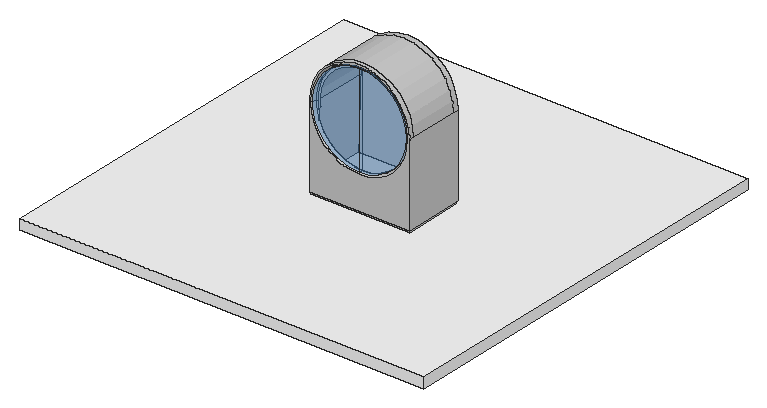
Revit family "BE_33223_de_DE", category Leuchten, Revit 2015
Parameters (values of type "BEGA_33223_Silber_K3")
  built-in parameter 1150104 = 10.839 (stored number, unit not read)
  Wattage = 4.2 W
  Default Elevation = 0 mm
  built-in parameter 1150113 = 1 (stored number, unit not read)
  built-in parameter 1114218 = 1 (stored number, unit not read)
  Umgebungstemperatur = ""
  URL = "http://www.bega.de/produkt/33223"
  Typenkommentare = "© 2016 BEGA. Wir behalten uns das Recht vor, technische Änderungen ohne vorherige Ankündigung vorzunehmen."  # constant formula
  Type Image = 33223.png
  built-in parameter 1150134 = (empty or 0)
  built-in parameter 1150109 = 1 (stored number, unit not read)
  Strom = ""
  built-in parameter 1150110 = 1 (stored number, unit not read)
  Spannung = 0 V
  Sonderanfertigung = no
  Seriennummer [instance] = "Hier können Sie die eindeutige Seriennummer für das Facility Management eintragen."
  Schutzklasse = "I"
  Schutzart = "IP 65"
  Scheinlast = 0 VA
  Produktdatenblatt = "http://www.bega.de/download/Xrfa/db/33223.db.de.pdf"
  Oberflächentemperatur = ""
  Neigungswinkel = 0.00°
  Modell = "33223A"
  Material_10 = BEGA_Glas_matt
  Material_06 = BEGA_Oberfläche_Edelstahl_gebürstet
  Material_02 = BEGA_Oberfläche_Silber_matt
  Material_01 [instance] = BEGA_Oberfläche_Grafit_matt
  M_W = no
  M_G = no
  M_A = yes
  Logo = 0
  built-in parameter 1114217 = 1 (stored number, unit not read)
  built-in parameter 1150139 = (empty or 0)
  built-in parameter 1150105 = 38.994 (stored number, unit not read)
  built-in parameter 1150114 = 1 (stored number, unit not read)
  Lumens = 490.014 lm
  built-in parameter 1150115 = 1 (stored number, unit not read)
  Leuchtenlichtstrom = "288 lm"
  Leuchtenanzahl = ""
  Lebensdauerkriterien = "L70 = 50.000 h"
  Lastklassifizierung = Beleuchtung
  built-in parameter 1150112 = 1 (stored number, unit not read)
  Lampenlichtstrom = "490 lm"
  Lampe = "LED 4.2 W"
  LED_Modulbezeichnung = "LED-0291/830 "
  built-in parameter 1150142 = (empty or 0)
  Hersteller = "BEGA"  # constant formula
  Halbstreuwinkel = ""
  Gewicht = "0.75 kg"
  Gebrauchslageneinschränkung [instance] = ""
  Frequenz = "0/50-60 Hz"
  Farbwiedergabeindex = "Ra > 80"
  Farbtemperaturverschiebung bei Dämpfen der Lampe = <Keine Auswahl>
  Farbtemperatur = "3000 K"
  Color Filter = 16777215
  built-in parameter 1150133 = 10 (stored number, unit not read)
  Energieeffizienzklasse = "LED A++ - A"
  built-in parameter 1150137 = (empty or 0)
  built-in parameter 1150132 = (empty or 0)
  ENEC = ""
  Datei für fotometrisches Netz = "BE_33223.IES"
  CE_Konformität = "ja"
  Bestellnummer = "33223A"
  Beschreibung_Sonderanfertigung = "Hier können Sie Informationen zur Sonderanfertigung eintragen."
  Beschreibung = "Wandleuchte"
  built-in parameter 1150106 = 0.38994 (stored number, unit not read)
  Befestigungsbohrung = "Ø 5,5 mm"
  Befestigungsabstand = "82 mm"
  Ballwurfsicher = ""
  BEGA_Intern_aus = yes
  BEGA_Intern_an = yes
  BEGA_Intern_Konstruktion = yes
  BEGA_Intern = yes
  BEGA_IES = yes
  BEGA_Dummy = no
  Anschlussleitung = ""
  Anschlussleistung [instance] = "6 W"
  built-in parameter 1150107 = 3000 (stored number, unit not read)
  built-in parameter 1150102 = (empty or 0)
  built-in parameter 1150138 = (empty or 0)
  Aktualisierung = "2016-06-16T04:10:53"
  Abstand_zur_angestrahlten_Fläche [instance] = ""
  AC/DC = "AC/DC"
Types (2, lengths in mm): name | Modell | M_G | M_A | Bestellnummer
  BEGA_33223_Silber_K3 | "33223A" | no | yes | "33223A"
  BEGA_33223_Grafit_K3 | "33223" | yes | no | "33223"
Reference planes
  plane 1 "Mitte (Vorne/Hinten)": y = 0
  plane 2: z = 0
  plane 3 "Mitte (Links/Rechts)": x = 0
  plane 4 "Links": x = -49.476
  plane 5 "Rechts": x = 49.476
  plane 6 "Unten": y = -30
  plane 7 "Oben": y = 30
  plane 8 "Vorne": z = 131.646
Forms (mm)
  Extrusion 1, solid, material "BEGA_Platte_Weiss"
    sketch origin (0, -1119.2, 0) x (1, 0, 0) y (0, 1, 0)
      loop
        line (-200, 1319.2) -> (-200, 919.2) -> (200, 919.2) -> (200, 1319.2) -> (-200, 1319.2)
    from 0 to -10
  Extrusion 2, solid, material "BEGA_Dummy_matt", visible <- "BEGA_Dummy"
    sketch origin (80.095, -76.023, 0) x (1, 0, 0) y (0, 1, 0)
      loop
        line (-129.572, 106.023) -> (-129.572, 46.023) -> (-30.619, 46.023) -> (-30.619, 106.023) -> (-129.572, 106.023)
    from 0 to 131.646
Dimensions and locks
  plane 1 "Mitte (Vorne/Hinten)" to Extrusion 1 = 200 mm
  aligned and locked: plane 2 to Extrusion 1
  aligned and locked: level to Extrusion 1
Nested families
  nested 1: "BE_33223" at (0, 0, 0), type "BE_33223"
Connectors
  electrical at (0, 0, 0), driven by "Lastklassifizierung", driven by "Spannung", driven by "Scheinlast"
    settings: index 1, voltage 0 V, apparent load 0 VA, apparent load phase1 0 VA, apparent load phase2 0 VA, apparent load phase3 0 VA, power factor 1, load classification "Beleuchtung", number of poles 1, system type 31, power factor state 1, is connector primary yes, connector utility no, sub classification motor no, connector description ""
Definition of nested family "BE_33223"
  Parameters (values of type "BE_33223")
    Default Elevation = 1 mm
    URL = "http://www.bega.de/de/produkt"
    Type Comments = "© 2015 BEGA. Wir behalten uns das Recht vor, technische Änderungen ohne vorherige Ankündigung vorzunehmen. "  # constant formula
    Type Image = (empty or 0)
    Material_17 = none
    Material_15 = none
    Material_11 = none
    Material_10 = none
    Material_09 = none
    Material_06 = none
    Material_03 = none
    Material_02 = none
    Material_01 = none
    M_W = yes
    M_G = yes
    M_A = yes
    Länge_Platte = 200 mm  # constant formula
    Höhe_Platte = -10 mm  # constant formula
    Manufacturer = "BEGA"  # constant formula
    Breite_Platte = 150 mm  # constant formula
  Reference planes
    plane 1 "Mitte (Oben/Unten)": y = 0
    plane 2: z = 0
    plane 3 "Mitte (Links/Rechts)": x = 0
    plane 4 "Vorne": z = 131.646
    plane 5 "Links": x = -49.476
    plane 6 "Oben": y = 30
    plane 7: x = 49.476
    plane 8: y = -30
  Forms (mm)
    Extrusion 1, solid, detail levels medium
      sketch origin (0, 0, 0) x (1, 0, 0) y (0, 1, 0)
        loop
          line (-100, 75) -> (-100, -75) -> (100, -75) -> (100, 75) -> (-100, 75)
      from 0 to -10 <- "Höhe_Platte"
    Extrusion 2, solid, material <- "Material_01", visible <- "M_G", detail levels medium+fine
      sketch origin (0, 0, 0) x (1, 0, 0) y (0, 0, 1)
        loop
          arc (49.476, 82.2) -> (0, 131.676) -> (-49.476, 82.2) r 49.476
          line (-49.476, 82.2) -> (-49.476, 2.2) -> (-45.692, 2.2) -> (-43.005, 84.995)
          arc (-43.005, 84.995) -> (0, 125.296) -> (43.005, 84.995) r 43.096
          line (43.005, 84.995) -> (45.692, 2.2) -> (49.476, 2.2) -> (49.476, 82.2)
      from -24.801 to 25.593
    Extrusion 3, solid, material <- "Material_01", visible <- "M_G", detail levels medium+fine
      sketch origin (0, 0, 0) x (1, 0, 0) y (0, 0, 1)
        loop
          arc (49.476, 82.2) -> (0, 131.676) -> (-49.476, 82.2) r 49.476
          line (-49.476, 82.2) -> (-49.476, 2.2) -> (49.476, 2.2) -> (49.476, 82.2)
      from 25.593 to 30
    Extrusion 4, solid, material <- "Material_01", visible <- "M_G", detail levels medium+fine
      sketch origin (0, 0, 0) x (1, 0, 0) y (0, 0, -1)
        loop
          line (49.476, -82.2) -> (49.476, -2.2) -> (-49.476, -2.2) -> (-49.476, -82.2)
          arc (-49.476, -82.2) -> (0, -131.676) -> (49.476, -82.2) r 49.476
      from 24.801 to 30
    Sweep 5, solid, material <- "Material_01", visible <- "M_G", detail levels medium+fine
      path origin (0, 0, 0) x (1, 0, 0) y (0, 1, 0)
        loop
          line (-48.953, 30) -> (-50, -30) -> (50, -30) -> (48.953, 30) -> (-48.953, 30)
      profile origin (-49.476, 0, 0) x (0.999848, -0.017452, 0) y (0, 0, 1)
        loop
          line (0.976, 2) -> (0.976, 0) -> (5.306, 0) -> (5.306, 12.5) -> (18.566, 12.5) -> (18.566, 15) -> (3.22, 15) -> (2.993, 2) -> (0.976, 2)
    Extrusion 6, solid, material <- "Material_01", visible <- "M_G", detail levels medium+fine
      sketch origin (0, 0, 0) x (1, 0, 0) y (0, 1, 0)
        loop
          line (31.107, -11.434) -> (30.708, 11.434) -> (-30.708, 11.434) -> (-31.107, -11.434) -> (31.107, -11.434)
      from 12.5 to 15
    Blend 7, void
      base sketch origin (0, 0, 0) x (1, 0, 0) y (0, 0, 1)
        loop
          circle (0, 82.2) r 46
      top sketch origin (0, 0, 0) x (1, 0, 0) y (0, 0, 1)
        loop
          circle (0, 82.2) r 48
      from 24.457 to 30
    Revolve 8, solid, material <- "Material_10", detail levels medium+fine
      sketch origin (0, 0, 0) x (0, 1, 0) y (0, 0, 1)
        loop
          line (-29.8, 128.45) -> (-29.8, 82.2) -> (-25.593, 82.2) -> (-25.593, 128.45) -> (-29.8, 128.45)
        axis (-25.593, 82.2) -> (-29.8, 82.2)
      angle from 0 to 360
    Revolve 9, solid, material <- "Material_06", detail levels fine
      sketch origin (-40, 0, 0) x (0, 1, 0) y (0, 0, 1)
        loop
          line (30.3, 10.2) -> (30.3, 12.96) -> (28.722, 12.96) -> (28.722, 10.2) -> (30.3, 10.2)
        axis (30.3, 10.2) -> (28.722, 10.2)
      angle from 0 to 360
    Revolve 10, solid, material <- "Material_06", detail levels fine
      sketch origin (40, 0, 0) x (0, 1, 0) y (0, 0, -1)
        loop
          line (30.3, -10.2) -> (28.722, -10.2) -> (28.722, -12.96) -> (30.3, -12.96) -> (30.3, -10.2)
        axis (30.3, -10.2) -> (28.722, -10.2)
      angle from 0 to 360
    Extrusion 11, void
      sketch origin (0, 0, 0) x (1, 0, 0) y (0, 1, 0)
        loop
          circle (20, 8) r 8.5
        loop
          circle (-41, 0) r 2.855
        loop
          arc (38.193, -0.38) -> (40.491, -4.193) -> (43.883, -1.31) r 2.921
          line (43.883, -1.31) -> (43.883, 0.69)
          arc (43.883, 0.69) -> (41.433, 3.573) -> (38.193, 1.62) r 2.921
          line (38.193, 1.62) -> (38.193, -0.38)
      from 6.013 to 19.555
    Sweep 12, solid, material <- "Material_02", visible <- "M_A", detail levels medium+fine
      path origin (0, 0, 0) x (1, 0, 0) y (0, 1, 0)
        loop
          line (-48.953, 30) -> (-50, -30) -> (50, -30) -> (48.953, 30) -> (-48.953, 30)
      profile origin (-49.476, 0, 0) x (0.999848, -0.017452, 0) y (0, 0, 1)
        loop
          line (0.976, 2) -> (0.976, 0) -> (5.306, 0) -> (5.306, 12.5) -> (18.566, 12.5) -> (18.566, 15) -> (3.22, 15) -> (2.993, 2) -> (0.976, 2)
    Extrusion 13, solid, material <- "Material_02", visible <- "M_A", detail levels medium+fine
      sketch origin (0, 0, 0) x (1, 0, 0) y (0, 1, 0)
        loop
          line (31.107, -11.434) -> (30.708, 11.434) -> (-30.708, 11.434) -> (-31.107, -11.434) -> (31.107, -11.434)
      from 12.5 to 15
    Extrusion 14, solid, material <- "Material_02", visible <- "M_A", detail levels medium+fine
      sketch origin (0, 0, 0) x (1, 0, 0) y (0, 0, 1)
        loop
          arc (49.476, 82.2) -> (0, 131.676) -> (-49.476, 82.2) r 49.476
          line (-49.476, 82.2) -> (-49.476, 2.2) -> (-45.692, 2.2) -> (-43.005, 84.995)
          arc (-43.005, 84.995) -> (0, 125.296) -> (43.005, 84.995) r 43.096
          line (43.005, 84.995) -> (45.692, 2.2) -> (49.476, 2.2) -> (49.476, 82.2)
      from -24.801 to 25.593
    Extrusion 15, solid, material <- "Material_02", visible <- "M_A", detail levels medium+fine
      sketch origin (0, 0, 0) x (1, 0, 0) y (0, 0, 1)
        loop
          arc (49.476, 82.2) -> (0, 131.676) -> (-49.476, 82.2) r 49.476
          line (-49.476, 82.2) -> (-49.476, 2.2) -> (49.476, 2.2) -> (49.476, 82.2)
      from 25.593 to 30
    Extrusion 16, solid, material <- "Material_02", visible <- "M_A", detail levels medium+fine
      sketch origin (0, 0, 0) x (1, 0, 0) y (0, 0, -1)
        loop
          line (49.476, -82.2) -> (49.476, -2.2) -> (-49.476, -2.2) -> (-49.476, -82.2)
          arc (-49.476, -82.2) -> (0, -131.676) -> (49.476, -82.2) r 49.476
      from 24.801 to 30
  Cuts and joins
    Blend 7, Extrusion 11 cuts Extrusion 2
    Blend 7, Extrusion 11 cuts Extrusion 3
    Blend 7, Extrusion 11 cuts Extrusion 4
    joined: Extrusion 2, Extrusion 3, Extrusion 4
    Extrusion 11 cuts Sweep 5
    Extrusion 11 cuts Extrusion 6
    joined: Sweep 5, Extrusion 6
    Extrusion 11 cuts Sweep 12
    Extrusion 11 cuts Extrusion 13
    joined: Sweep 12, Extrusion 13
    Blend 7 cuts Extrusion 14
    Blend 7 cuts Extrusion 15
    joined: Extrusion 14, Extrusion 15, Extrusion 16
  Dimensions and locks
    equal spacing: Extrusion 1 sketch curve, plane 3 "Mitte (Links/Rechts)", Extrusion 1 sketch curve
    equal spacing: Extrusion 1 sketch curve, plane 1 "Mitte (Oben/Unten)", Extrusion 1 sketch curve
    "Länge_Platte": Extrusion 1 sketch curve to Extrusion 1 sketch curve
    "Breite_Platte": Extrusion 1 sketch curve to Extrusion 1 sketch curve
    aligned and locked: Extrusion 1 to plane 2
    aligned and locked: level to Extrusion 1
  Automatic sketch dimensions
    Extrusion 2 sketch curve to Extrusion 2 sketch curve = 0 mm  (x5)
    Extrusion 2 sketch curve to plane 3 "Mitte (Links/Rechts)" = 0 mm
    Extrusion 2 sketch curve to plane 3 "Mitte (Links/Rechts)" = 43.005 mm
    level to Extrusion 2 sketch curve = 2.2 mm  (x2)
    Extrusion 2 sketch curve to plane 3 "Mitte (Links/Rechts)" = 45.692 mm
    Extrusion 2 sketch curve to Extrusion 2 sketch curve = 3.784 mm  (x2)
    plane 3 "Mitte (Links/Rechts)" to Extrusion 2 sketch curve = 43.005 mm
    plane 3 "Mitte (Links/Rechts)" to Extrusion 2 sketch curve = 45.692 mm
    level to Extrusion 2 sketch curve = 82.2 mm
    Extrusion 2 sketch curve to Extrusion 2 sketch curve = 2.795 mm  (x2)
    Extrusion 3 sketch curve to plane 3 "Mitte (Links/Rechts)" = 0 mm
    level to Extrusion 3 sketch curve = 2.2 mm
    Extrusion 3 sketch curve to plane 3 "Mitte (Links/Rechts)" = 49.476 mm
    plane 3 "Mitte (Links/Rechts)" to Extrusion 3 sketch curve = 49.476 mm
    level to Extrusion 3 sketch curve = 82.2 mm
    Extrusion 3 sketch curve to Extrusion 3 sketch curve = 0 mm  (x4)
    Extrusion 4 sketch curve to plane 3 "Mitte (Links/Rechts)" = 0 mm
    level to Extrusion 4 sketch curve = 2.2 mm
    Extrusion 4 sketch curve to plane 3 "Mitte (Links/Rechts)" = 49.476 mm
    plane 3 "Mitte (Links/Rechts)" to Extrusion 4 sketch curve = 49.476 mm
    level to Extrusion 4 sketch curve = 82.2 mm
    Extrusion 4 sketch curve to Extrusion 4 sketch curve = 0 mm  (x4)
    Sweep 5 sketch curve to plane 3 "Mitte (Links/Rechts)" = 50 mm
    Sweep 5 sketch curve to plane 3 "Mitte (Links/Rechts)" = 48.953 mm
    plane 3 "Mitte (Links/Rechts)" to Sweep 5 sketch curve = 48.953 mm
    plane 3 "Mitte (Links/Rechts)" to Sweep 5 sketch curve = 50 mm
    plane 1 "Mitte (Oben/Unten)" to Sweep 5 sketch curve = 30 mm
    Sweep 5 sketch curve to plane 1 "Mitte (Oben/Unten)" = 30 mm
    Sweep 5 sketch curve to level = 0 mm
    Sweep 5 sketch curve to profile plane = 0.976 mm
    Sweep 5 sketch curve to Sweep 5 sketch curve = 2.017 mm
    Sweep 5 sketch curve to profile plane = 3.22 mm
    Sweep 5 sketch curve to Sweep 5 sketch curve = 2.086 mm
    Sweep 5 sketch curve to Sweep 5 sketch curve = 13.26 mm
    Sweep 5 sketch curve to Sweep 5 sketch curve = 2 mm
    Sweep 5 sketch curve to Sweep 5 sketch curve = 10.5 mm
    Sweep 5 sketch curve to Sweep 5 sketch curve = 2.5 mm
    plane 1 "Mitte (Oben/Unten)" to Extrusion 6 sketch curve = 11.434 mm
    Extrusion 6 sketch curve to plane 3 "Mitte (Links/Rechts)" = 31.107 mm
    Extrusion 6 sketch curve to plane 1 "Mitte (Oben/Unten)" = 11.434 mm
    Extrusion 6 sketch curve to Extrusion 6 sketch curve = 0.399 mm  (x2)
    plane 3 "Mitte (Links/Rechts)" to Extrusion 6 sketch curve = 30.708 mm
    Blend 7 sketch curve to plane 3 "Mitte (Links/Rechts)" = 0 mm  (x2)
    level to Blend 7 sketch curve = 82.2 mm  (x2)
    plane 1 "Mitte (Oben/Unten)" to Revolve 8 sketch curve = 29.8 mm
    Revolve 8 sketch curve to Revolve 8 sketch curve = 4.207 mm
    level to Revolve 8 sketch curve = 82.2 mm
    Revolve 8 sketch curve to Revolve 8 sketch curve = 46.25 mm
    Revolve 8 sketch curve to Revolve 8 sketch curve = 0 mm  (x3)
    level to Revolve 9 sketch curve = 10.2 mm
    Revolve 9 sketch curve to plane 1 "Mitte (Oben/Unten)" = 28.722 mm
    Revolve 9 sketch curve to Revolve 9 sketch curve = 1.578 mm
    Revolve 9 sketch curve to Revolve 9 sketch curve = 2.76 mm
    Revolve 9 sketch curve to Revolve 9 sketch curve = 0 mm  (x3)
    level to Revolve 10 sketch curve = 10.2 mm
    Revolve 10 sketch curve to plane 1 "Mitte (Oben/Unten)" = 28.722 mm
    Revolve 10 sketch curve to Revolve 10 sketch curve = 1.578 mm
    Revolve 10 sketch curve to Revolve 10 sketch curve = 2.76 mm
    Revolve 10 sketch curve to Revolve 10 sketch curve = 0 mm  (x3)
    Extrusion 11 sketch curve to plane 1 "Mitte (Oben/Unten)" = 8 mm
    Extrusion 11 sketch curve to plane 3 "Mitte (Links/Rechts)" = 41 mm
    plane 3 "Mitte (Links/Rechts)" to Extrusion 11 sketch curve = 20 mm
    Extrusion 11 sketch curve to Extrusion 11 sketch curve = 2.77 mm
    Extrusion 11 sketch curve to Extrusion 11 sketch curve = 0 mm
    Extrusion 11 sketch curve to Extrusion 11 sketch curve = 2.921 mm
    Extrusion 11 sketch curve to Extrusion 11 sketch curve = 2 mm
    plane 1 "Mitte (Oben/Unten)" to Extrusion 11 sketch curve = 0.38 mm
    Extrusion 11 sketch curve to Extrusion 11 sketch curve = 18.193 mm
    Sweep 12 sketch curve to plane 3 "Mitte (Links/Rechts)" = 50 mm
    Sweep 12 sketch curve to plane 3 "Mitte (Links/Rechts)" = 48.953 mm
    plane 3 "Mitte (Links/Rechts)" to Sweep 12 sketch curve = 48.953 mm
    plane 3 "Mitte (Links/Rechts)" to Sweep 12 sketch curve = 50 mm
    plane 1 "Mitte (Oben/Unten)" to Sweep 12 sketch curve = 30 mm
    Sweep 12 sketch curve to plane 1 "Mitte (Oben/Unten)" = 30 mm
    Sweep 12 sketch curve to level = 0 mm
    Sweep 12 sketch curve to profile plane = 0.976 mm
    Sweep 12 sketch curve to Sweep 12 sketch curve = 2.017 mm
    Sweep 12 sketch curve to profile plane = 3.22 mm
    Sweep 12 sketch curve to Sweep 12 sketch curve = 2.086 mm
    Sweep 12 sketch curve to Sweep 12 sketch curve = 13.26 mm
    Sweep 12 sketch curve to Sweep 12 sketch curve = 2 mm
    Sweep 12 sketch curve to Sweep 12 sketch curve = 10.5 mm
    Sweep 12 sketch curve to Sweep 12 sketch curve = 2.5 mm
    plane 1 "Mitte (Oben/Unten)" to Extrusion 13 sketch curve = 11.434 mm
    Extrusion 13 sketch curve to plane 3 "Mitte (Links/Rechts)" = 31.107 mm
    Extrusion 13 sketch curve to plane 1 "Mitte (Oben/Unten)" = 11.434 mm
    Extrusion 13 sketch curve to Extrusion 13 sketch curve = 0.399 mm  (x2)
    plane 3 "Mitte (Links/Rechts)" to Extrusion 13 sketch curve = 30.708 mm
    Extrusion 14 sketch curve to Extrusion 14 sketch curve = 0 mm  (x5)
    Extrusion 14 sketch curve to plane 3 "Mitte (Links/Rechts)" = 0 mm
    Extrusion 14 sketch curve to plane 3 "Mitte (Links/Rechts)" = 43.005 mm
    level to Extrusion 14 sketch curve = 2.2 mm  (x2)
    Extrusion 14 sketch curve to plane 3 "Mitte (Links/Rechts)" = 45.692 mm
    Extrusion 14 sketch curve to Extrusion 14 sketch curve = 3.784 mm  (x2)
    plane 3 "Mitte (Links/Rechts)" to Extrusion 14 sketch curve = 43.005 mm
    plane 3 "Mitte (Links/Rechts)" to Extrusion 14 sketch curve = 45.692 mm
    level to Extrusion 14 sketch curve = 82.2 mm
    Extrusion 14 sketch curve to Extrusion 14 sketch curve = 2.795 mm  (x2)
    Extrusion 15 sketch curve to plane 3 "Mitte (Links/Rechts)" = 0 mm
    level to Extrusion 15 sketch curve = 2.2 mm
    Extrusion 15 sketch curve to plane 3 "Mitte (Links/Rechts)" = 49.476 mm
    plane 3 "Mitte (Links/Rechts)" to Extrusion 15 sketch curve = 49.476 mm
    level to Extrusion 15 sketch curve = 82.2 mm
    Extrusion 15 sketch curve to Extrusion 15 sketch curve = 0 mm  (x4)
    Extrusion 16 sketch curve to plane 3 "Mitte (Links/Rechts)" = 0 mm
    level to Extrusion 16 sketch curve = 2.2 mm
    Extrusion 16 sketch curve to plane 3 "Mitte (Links/Rechts)" = 49.476 mm
    plane 3 "Mitte (Links/Rechts)" to Extrusion 16 sketch curve = 49.476 mm
    level to Extrusion 16 sketch curve = 82.2 mm
    Extrusion 16 sketch curve to Extrusion 16 sketch curve = 0 mm  (x4)
    plane 1 "Mitte (Oben/Unten)" to Extrusion 11 sketch curve = 0 mm
    radius of Blend 7 sketch curve = 46 mm
    radius of Blend 7 sketch curve = 48 mm
    radius of Extrusion 11 sketch curve = 8.5 mm
    radius of Extrusion 11 sketch curve = 2.855 mm
